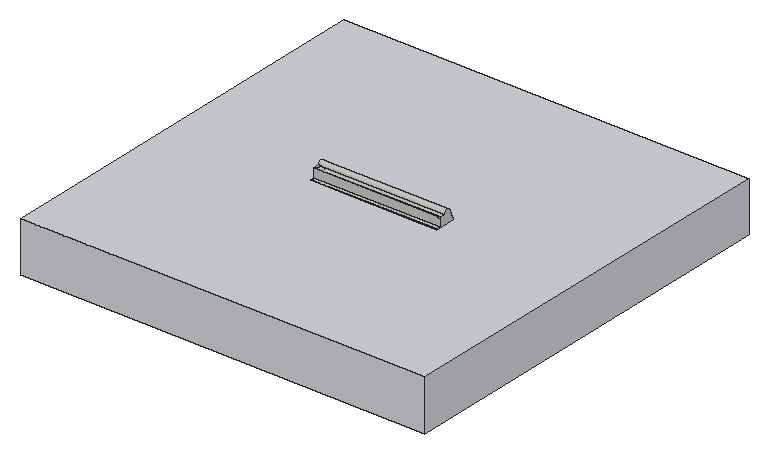
Revit family
Parameters (values of type "1110-2")
  Waste Connection = no
  WFU = 0
  Voltage = 0
  Vent Connection = no
  URL = "http://www.acorneng.com"
  Type Comments = ""
  Tempered Water Connection = no
  Revised Date = "09-19-12"
  Phone# = "626-336-4561"
  Model = "1110-2"
  Material = 304 Stainless Steel
  Manufacturer = "Acorn Engineering"
  HWFU = 0
  HW Connection = no
  Designed By = "ATS BIM Team"
  Description = "Grab Bars - Suicide Resistant"
  Default Elevation = 32.250"
  CWFU = 0
  CW Connection = no
  Assembly Code = ""
  Amperage = 0
Reference planes (in)
  plane 1 "Center (Front/Back)": y = 0
  plane 2: z = 0
  plane 3 "Center (Left/Right)": x = 0
  plane 4: y = -3.068
  plane 5: y = 1.682
  plane 6: y = -2.13
  plane 7: y = -0.755
  plane 8: z = 2.25
Forms (in)
  Extrusion 1, solid
    sketch origin (0, 0, 0) x (1, 0, 0) y (0, 1, 0)
      loop
        line (-48, 48) -> (-48, -48) -> (48, -48) -> (48, 48) -> (-48, 48)
    from 0 to -12
  Extrusion 2, solid, material "304 Stainless Steel" <- "Material"
    sketch origin (-1.87917, 0, 0) x (0, 1, 0) y (0, 0, 1)
      loop
        line (1.682, 0.125) -> (0.74239, 2.25) -> (-2.005, 2.25) -> (-2.005, 0.125) -> (1.682, 0.125)
    from 16.37917 to 16.87917
  Extrusion 3, solid, material "304 Stainless Steel" <- "Material"
    sketch origin (1.87917, 0, 0) x (0, 1, 0) y (0, 0, -1)
      loop
        line (1.682, -0.125) -> (-2.005, -0.125) -> (-2.005, -2.25) -> (0.74239, -2.25) -> (1.682, -0.125)
    from 16.37917 to 16.87917
  Extrusion 4, solid, material "304 Stainless Steel" <- "Material"
    sketch origin (-15, 0, 0) x (0, 1, 0) y (0, 0, 1)
      loop
        line (-2.005, 0.125) -> (-2.005, 2.025)
        arc (-2.005, 2.025) -> (-1.97571, 2.09571) -> (-1.905, 2.125) r 0.1
        line (-1.905, 2.125) -> (-0.75239, 2.125)
        arc (-0.75239, 2.125) -> (0.745, 2.1875) -> (-0.75239, 2.25) r 0.75
        line (-0.75239, 2.25) -> (-2.03, 2.25)
        arc (-2.03, 2.25) -> (-2.10071, 2.22071) -> (-2.13, 2.15) r 0.1
        line (-2.13, 2.15) -> (-2.13, 0.125) -> (-3.068, 0.125) -> (-3.068, 0) -> (1.682, 0) -> (1.682, 0.125) -> (-2.005, 0.125)
    from 0 to 30
Cuts and joins
  joined: Extrusion 2, Extrusion 3, Extrusion 4
Dimensions and locks (in)
  plane 4 to plane 5 = 4.750"
  plane 4 to plane 6 to plane 7 = 0.938", 1.375"
  plane 8 to plane 2 = 2.250"
  aligned and locked: plane 2 to Extrusion 1
  aligned and locked: level to Extrusion 1
